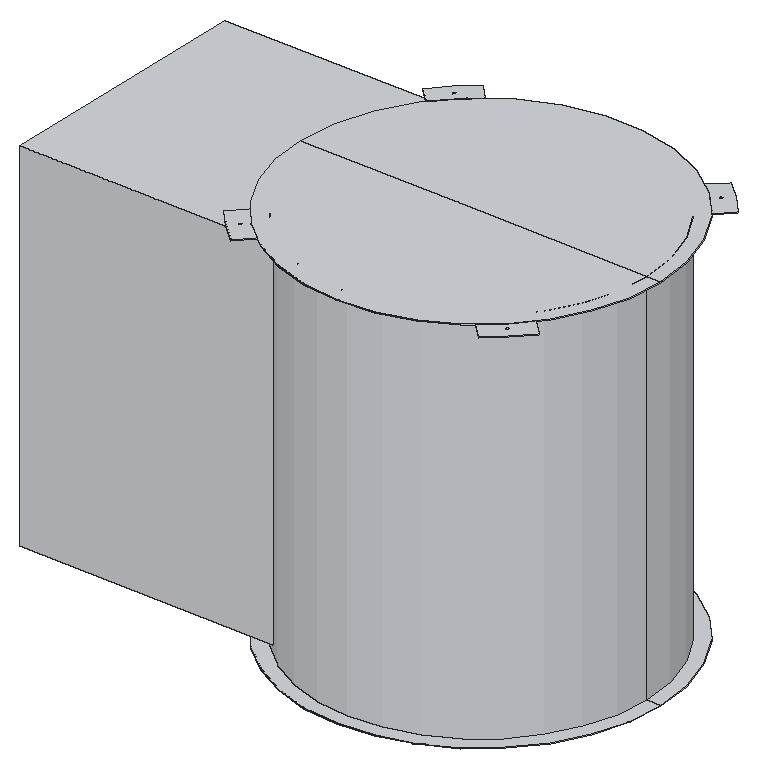
Revit family "VAB_Upblast_Ceiling_Mount", category Mechanical Equipment, Revit 2019
Family settings
  Round Connector Dimension = Use Radius
  Part Type = Normal
  Work Plane-Based = No
  Always vertical = Yes
  Cut with Voids When Loaded = No
  Shared = No
  Room Calculation Point = No
Parameters (values of type "60_VAB_UPBLAST_CEILING")
  Unit Weight [instance] = ""
  ModelID [instance] = ""
  L/2 = L / 2  # 2' - 0 7/32"
  J/2 = J / 2  # 2' - 10 1/4"
  J-A = J - A  # 0' - 8 1/2"
  J = 5' - 8 1/2"
  K/2 = K / 2  # 0' - 0 7/32"
  K = 0' - 0 7/16"
  L-(C/2) = L - (C / 2)  # 1' - 4 13/16"
  L = 4' - 0 7/16"
  H-(A/2) = H - (A / 2)  # 2' - 11"
  H+L = H + L  # 9' - 5 7/16"
  H = 5' - 5"
  Sones [instance] = ""
  Motor RPM [instance] = ""
  Motor Enclosure [instance] = ""
  LwA [instance] = ""
  G = 16' - 0"
  Fan RPM [instance] = ""
  F/2 = F / 2  # 0' - 0 9/32"
  F = 0' - 0 9/16"
  E/2 = E / 2  # 2' - 10 1/2"
  E-2" = E - 0' 2"  # 5' - 7"
  E-.125" = E - 0' 0 1/8"  # 5' - 8 7/8"
  E = 5' - 9"
  C/2+L = C / 2 + L  # 6' - 8 1/16"
  C/2 = C / 2  # 2' - 7 5/8"
  C = 5' - 3 1/4"
  B/2 = B / 2  # 2' - 8 23/32"
  B = 5' - 5 7/16"
  Accessories [instance] = ""
  A/3 = A / 2.5  # 2' - 0"
  A/2 = A / 2  # 2' - 6"
  A = 5' - 0"
  60 = 60.00°  # constant formula
  45 = 45.00°
  30 = 30.00°  # constant formula
  3" = 0' - 3"  # constant formula
  Brake Hp [instance] = ""
  4" = 0' - 4"  # constant formula
  2' = 2' - 0"
  2" = 0' - 2"  # constant formula
  1" = 0' - 1"  # constant formula
  0 = 0' - 0"  # constant formula
  Voltage [instance] = 0 V
  URL = "www.lorencook.com"
  Type Comments = "Fixed Pitch Vane Axial Upblast Ceiling Mount Belt Drive Arrangement 9"  # constant formula
  Static Pressure [instance] = 0.00 in-wg
  Power [instance] = Voltage * Motor FLA * sqrt(if(Phase = 3, 3, 1))  # 0 VA
  Phase [instance] = 0
  Number of Poles [instance] = 1
  Motor Hp [instance] = "0"
  Motor FLA [instance] = 0 A
  Model = "VAB"  # constant formula
  Manufacturer = "Loren Cook Company"
  CFM [instance] = 0 CFM
  1.5 = 0' - 1 1/2"  # constant formula
  ONE EIGTH = 0' - 0 1/8"  # constant formula
  -E/2 = -E / 2  # -2' - 10 1/2"
  -(E-.25")/2 = -(E - 0' 0 1/4") / 2  # -2' - 10 3/8"
  (L/2)-1" = (L / 2) - 0' 1"  # 1' - 11 7/32"
  (J-A)/2 = (J - A) / 2  # 0' - 4 1/4"
  (J+(J-A))/2 = (J + (J / 2 - A / 2)) / 2  # 3' - 0 3/8"
  (H-(A/2))/2 = (H - (A / 2)) / 2  # 1' - 5 1/2"
  (E-.25")/2 = (E - 0' 0 1/4") / 2  # 2' - 10 3/8"
  (A+.25")/2 = (A + 0' 0 1/4") / 2  # 2' - 6 1/8"
Types (12): name | L/2 | J/2 | J-A | J | K/2 | K | L-(C/2) | L | H-(A/2) | H+L | H | G | F/2 | F | E/2 | E-2" | E-.125" | E | C/2+L | C/2 | C | B/2 | B | A/3 | A/2 | A | -E/2 | -(E-.25")/2 | (L/2)-1" | (J-A)/2 | (J+(J-A))/2 | (H-(A/2))/2 | (E-.25")/2 | (A+.25")/2
  (no name) | 2' - 0 7/32" | 2' - 10 1/4" | 0' - 8 1/2" | 5' - 8 1/2" | 0' - 0 7/32" | 0' - 0 7/16" | 1' - 4 13/16" | 4' - 0 7/16" | 2' - 11" | 9' - 5 7/16" | 5' - 5" | 16' - 0" | 0' - 0 9/32" | 0' - 0 9/16" | 2' - 10 1/2" | 5' - 7" | 5' - 8 7/8" | 5' - 9" | 6' - 8 1/16" | 2' - 7 5/8" | 5' - 3 1/4" | 2' - 8 23/32" | 5' - 5 7/16" | 2' - 0" | 2' - 6" | 5' - 0" | -2' - 10 1/2" | -2' - 10 3/8" | 1' - 11 7/32" | 0' - 4 1/4" | 3' - 0 3/8" | 1' - 5 1/2" | 2' - 10 3/8" | 2' - 6 1/8"
  12_VAB_UPBLAST_CEILING | 0' - 6 3/32" | 0' - 8 5/8" | 0' - 5 1/4" | 1' - 5 1/4" | 0' - 0 3/16" | 0' - 0 3/8" | 0' - 5 1/2" | 1' - 0 3/16" | 1' - 3" | 2' - 9 3/16" | 1' - 9" | 6' - 0" | 0' - 0 5/32" | 0' - 0 5/16" | 0' - 10" | 1' - 6" | 1' - 7 7/8" | 1' - 8" | 1' - 6 7/8" | 0' - 6 11/16" | 1' - 1 3/8" | 0' - 7 3/8" | 1' - 2 3/4" | 0' - 4.8" | 0' - 6" | 1' - 0" | -0' - 10" | -0' - 9 7/8" | 0' - 5 3/32" | 0' - 2 5/8" | 0' - 9 15/16" | 0' - 7 1/2" | 0' - 9 7/8" | 0' - 6 1/8"
  14_VAB_UPBLAST_CEILING | 0' - 6 13/16" | 0' - 9 5/8" | 0' - 5 1/4" | 1' - 7 1/4" | 0' - 0 3/16" | 0' - 0 3/8" | 0' - 5 7/8" | 1' - 1 5/8" | 1' - 5" | 3' - 1 5/8" | 2' - 0" | 6' - 0" | 0' - 0 5/32" | 0' - 0 5/16" | 0' - 11 1/2" | 1' - 9" | 1' - 10 7/8" | 1' - 11" | 1' - 9 3/8" | 0' - 7 3/4" | 1' - 3 1/2" | 0' - 8 3/8" | 1' - 4 3/4" | 0' - 5.6" | 0' - 7" | 1' - 2" | -0' - 11 1/2" | -0' - 11 3/8" | 0' - 5 13/16" | 0' - 2 5/8" | 0' - 10 15/16" | 0' - 8 1/2" | 0' - 11 3/8" | 0' - 7 1/8"
  18_VAB_UPBLAST_CEILING | 0' - 8 7/32" | 0' - 11 5/8" | 0' - 5 1/4" | 1' - 11 1/4" | 0' - 0 3/16" | 0' - 0 3/8" | 0' - 6 9/16" | 1' - 4 7/16" | 1' - 6 1/4" | 3' - 7 11/16" | 2' - 3 1/4" | 12' - 0" | 0' - 0 7/32" | 0' - 0 7/16" | 1' - 2 1/2" | 2' - 3" | 2' - 4 7/8" | 2' - 5" | 2' - 2 5/16" | 0' - 9 7/8" | 1' - 7 3/4" | 0' - 10 5/8" | 1' - 9 1/4" | 0' - 7.2" | 0' - 9" | 1' - 6" | -1' - 2 1/2" | -1' - 2 3/8" | 0' - 7 7/32" | 0' - 2 5/8" | 1' - 0 15/16" | 0' - 9 1/8" | 1' - 2 3/8" | 0' - 9 1/8"
  21_VAB_UPBLAST_CEILING | 0' - 9 9/32" | 1' - 1 1/8" | 0' - 5 1/4" | 2' - 2 1/4" | 0' - 0 3/16" | 0' - 0 3/8" | 0' - 7 3/16" | 1' - 6 9/16" | 1' - 9" | 4' - 2 1/16" | 2' - 7 1/2" | 12' - 0" | 0' - 0 7/32" | 0' - 0 7/16" | 1' - 3 1/2" | 2' - 5" | 2' - 6 7/8" | 2' - 7" | 2' - 5 15/16" | 0' - 11 3/8" | 1' - 10 3/4" | 1' - 0 1/8" | 2' - 0 1/4" | 0' - 8.4" | 0' - 10 1/2" | 1' - 9" | -1' - 3 1/2" | -1' - 3 3/8" | 0' - 8 9/32" | 0' - 2 5/8" | 1' - 2 7/16" | 0' - 10 1/2" | 1' - 3 3/8" | 0' - 10 5/8"
  26_VAB_UPBLAST_CEILING | 0' - 11 3/32" | 1' - 3 11/16" | 0' - 5 3/8" | 2' - 7 3/8" | 0' - 0 3/16" | 0' - 0 3/8" | 0' - 8 3/16" | 1' - 10 3/16" | 1' - 9 1/2" | 4' - 8 11/16" | 2' - 10 1/2" | 12' - 0" | 0' - 0 7/32" | 0' - 0 7/16" | 1' - 4" | 2' - 6" | 2' - 7 7/8" | 2' - 8" | 3' - 0 3/16" | 1' - 2" | 2' - 4" | 1' - 3 5/32" | 2' - 6 5/16" | 0' - 10.4" | 1' - 1" | 2' - 2" | -1' - 4" | -1' - 3 7/8" | 0' - 10 3/32" | 0' - 2 11/16" | 1' - 5 1/32" | 0' - 10 3/4" | 1' - 3 7/8" | 1' - 1 1/8"
  29_VAB_UPBLAST_CEILING | 1' - 0 1/2" | 1' - 5 11/16" | 0' - 6 3/8" | 2' - 11 3/8" | 0' - 0 7/32" | 0' - 0 7/16" | 0' - 9 1/2" | 2' - 1" | 2' - 2" | 5' - 5 1/2" | 3' - 4 1/2" | 12' - 0" | 0' - 0 7/32" | 0' - 0 7/16" | 1' - 6" | 2' - 10" | 2' - 11 7/8" | 3' - 0" | 3' - 4 1/2" | 1' - 3 1/2" | 2' - 7" | 1' - 4 21/32" | 2' - 9 5/16" | 0' - 11.6" | 1' - 2 1/2" | 2' - 5" | -1' - 6" | -1' - 5 7/8" | 0' - 11 1/2" | 0' - 3 3/16" | 1' - 7 9/32" | 1' - 1" | 1' - 5 7/8" | 1' - 2 5/8"
  36_VAB_UPBLAST_CEILING | 1' - 3 11/32" | 1' - 9 11/16" | 0' - 7 3/8" | 3' - 7 3/8" | 0' - 0 7/32" | 0' - 0 7/16" | 0' - 11 11/16" | 2' - 6 11/16" | 2' - 3 1/2" | 6' - 4 3/16" | 3' - 9 1/2" | 16' - 0" | 0' - 0 9/32" | 0' - 0 9/16" | 1' - 9" | 3' - 4" | 3' - 5 7/8" | 3' - 6" | 4' - 1 11/16" | 1' - 7" | 3' - 2" | 1' - 8 5/32" | 3' - 4 5/16" | 1' - 2.4" | 1' - 6" | 3' - 0" | -1' - 9" | -1' - 8 7/8" | 1' - 2 11/32" | 0' - 3 11/16" | 1' - 11 17/32" | 1' - 1 3/4" | 1' - 8 7/8" | 1' - 6 1/8"
  42_VAB_UPBLAST_CEILING | 1' - 5 3/32" | 2' - 0 3/16" | 0' - 6 3/8" | 4' - 0 3/8" | 0' - 0 7/32" | 0' - 0 7/16" | 1' - 0" | 2' - 10 3/16" | 2' - 5 1/2" | 7' - 0 11/16" | 4' - 2 1/2" | 16' - 0" | 0' - 0 9/32" | 0' - 0 9/16" | 2' - 1" | 4' - 0" | 4' - 1 7/8" | 4' - 2" | 4' - 8 3/8" | 1' - 10 3/16" | 3' - 8 3/8" | 1' - 10 21/32" | 3' - 9 5/16" | 1' - 4.8" | 1' - 9" | 3' - 6" | -2' - 1" | -2' - 0 7/8" | 1' - 4 3/32" | 0' - 3 3/16" | 2' - 1 25/32" | 1' - 2 3/4" | 2' - 0 7/8" | 1' - 9 1/8"
  48_VAB_UPBLAST_CEILING | 1' - 7 15/16" | 2' - 4 3/16" | 0' - 8 3/8" | 4' - 8 3/8" | 0' - 0 7/32" | 0' - 0 7/16" | 1' - 2 5/8" | 3' - 3 7/8" | 2' - 6" | 7' - 9 7/8" | 4' - 6" | 16' - 0" | 0' - 0 9/32" | 0' - 0 9/16" | 2' - 4" | 4' - 6" | 4' - 7 7/8" | 4' - 8" | 5' - 5 1/8" | 2' - 1 1/4" | 4' - 2 1/2" | 2' - 2 19/32" | 4' - 5 3/16" | 1' - 7.2" | 2' - 0" | 4' - 0" | -2' - 4" | -2' - 3 7/8" | 1' - 6 15/16" | 0' - 4 3/16" | 2' - 6 9/32" | 1' - 3" | 2' - 3 7/8" | 2' - 0 1/8"
  54_VAB_UPBLAST_CEILING | 1' - 10 3/32" | 2' - 7 1/4" | 0' - 8 1/2" | 5' - 2 1/2" | 0' - 0 7/32" | 0' - 0 7/16" | 1' - 3 15/16" | 3' - 8 3/16" | 2' - 8 1/2" | 8' - 7 11/16" | 4' - 11 1/2" | 16' - 0" | 0' - 0 9/32" | 0' - 0 9/16" | 2' - 7" | 5' - 0" | 5' - 1 7/8" | 5' - 2" | 6' - 0 7/16" | 2' - 4 1/4" | 4' - 8 1/2" | 2' - 5 23/32" | 4' - 11 7/16" | 1' - 9.6" | 2' - 3" | 4' - 6" | -2' - 7" | -2' - 6 7/8" | 1' - 9 3/32" | 0' - 4 1/4" | 2' - 9 3/8" | 1' - 4 1/4" | 2' - 6 7/8" | 2' - 3 1/8"
  60_VAB_UPBLAST_CEILING | 2' - 0 7/32" | 2' - 10 1/4" | 0' - 8 1/2" | 5' - 8 1/2" | 0' - 0 7/32" | 0' - 0 7/16" | 1' - 4 13/16" | 4' - 0 7/16" | 2' - 11" | 9' - 5 7/16" | 5' - 5" | 16' - 0" | 0' - 0 9/32" | 0' - 0 9/16" | 2' - 10 1/2" | 5' - 7" | 5' - 8 7/8" | 5' - 9" | 6' - 8 1/16" | 2' - 7 5/8" | 5' - 3 1/4" | 2' - 8 23/32" | 5' - 5 7/16" | 2' - 0" | 2' - 6" | 5' - 0" | -2' - 10 1/2" | -2' - 10 3/8" | 1' - 11 7/32" | 0' - 4 1/4" | 3' - 0 3/8" | 1' - 5 1/2" | 2' - 10 3/8" | 2' - 6 1/8"
Reference planes (in)
  plane 1 "Center (Front/Back)": y = 0
  plane 2: z = 0
  plane 3 "Center (Left/Right)": x = 0.40541
Forms (in)
  Revolve 1, solid
    sketch origin (0, 0, 0) x (1, 0, 0) y (0, 0, 1)
      loop
        line (0.40541, 0) -> (33.12416, 0) -> (33.12416, 0.125) -> (30.53041, 0.125) -> (30.53041, 68.875) -> (33.12416, 68.875) -> (33.12416, 69) -> (0.40541, 69) -> (0.40541, 0)
      axis (0.40541, 69) -> (0.40541, 0)
    angle from 0 to 360
  Extrusion 2, solid
    sketch origin (0, 0, 0) x (1, 0, 0) y (0, 1, 0)
      loop
        line (-18.78847, 23.21875) -> (-64.59459, 23.21875) -> (-64.59459, -23.21875) -> (-18.78847, -23.21875)
        arc (-18.78847, -23.21875) -> (-29.71959, 0) -> (-18.78847, 23.21875) r 30.125
    from 2 to 67 <- "E-2""
  Extrusion 3, solid
    sketch origin (0, 0, 0) x (1, 0, 0) y (0, 1, 0)
      loop
        line (-19.52902, 25.94484) -> (-22.13423, 28.55005)
        arc (-22.13423, 28.55005) -> (-25.3156, 25.72101) -> (-28.14464, 22.53964) r 36.375
        line (-28.14464, 22.53964) -> (-25.53943, 19.93444)
        arc (-25.53943, 19.93444) -> (-22.73024, 23.13565) -> (-19.52902, 25.94484) r 32.71875
      loop
        arc (20.33985, 25.94484) -> (23.54106, 23.13565) -> (26.35026, 19.93444) r 32.71875
        line (26.35026, 19.93444) -> (28.95546, 22.53964)
        arc (28.95546, 22.53964) -> (26.12642, 25.72101) -> (22.94505, 28.55005) r 36.375
        line (22.94505, 28.55005) -> (20.33985, 25.94484)
      loop
        line (20.33985, -25.94484) -> (22.94505, -28.55005)
        arc (22.94505, -28.55005) -> (26.12642, -25.72101) -> (28.95546, -22.53964) r 36.375
        line (28.95546, -22.53964) -> (26.35026, -19.93444)
        arc (26.35026, -19.93444) -> (23.54106, -23.13565) -> (20.33985, -25.94484) r 32.71875
      loop
        arc (-19.52902, -25.94484) -> (-22.73024, -23.13565) -> (-25.53943, -19.93444) r 32.71875
        line (-25.53943, -19.93444) -> (-28.14464, -22.53964)
        arc (-28.14464, -22.53964) -> (-25.3156, -25.72101) -> (-22.13423, -28.55005) r 36.375
        line (-22.13423, -28.55005) -> (-19.52902, -25.94484)
    from 68.875 <- "E-.125"" to 69 <- "E"
  Extrusion 4, void
    sketch origin (0, 0, 0) x (1, 0, 0) y (0, 1, 0)
      loop
        circle (24.62416, 24.21875) r 0.21875
      loop
        circle (-23.81334, 24.21875) r 0.21875
      loop
        circle (-23.81334, -24.21875) r 0.21875
      loop
        circle (24.62416, -24.21875) r 0.21875
    from 0 to 69 <- "E"
Cuts and joins
  Extrusion 4 cuts Revolve 1
  Extrusion 4 cuts Extrusion 2
  Extrusion 4 cuts Extrusion 3
Dimensions and locks (in)
  "0": Revolve 1 sketch curve to plane 3 "Center (Left/Right)"  (x2)
  "E": Revolve 1 sketch curve to Revolve 1 sketch curve
  "0": Revolve 1 sketch curve to level
  "ONE EIGTH": Revolve 1 sketch curve to Revolve 1 sketch curve  (x2)
  "(A+.25")/2": Revolve 1 sketch curve to Revolve 1 sketch curve
  "B/2": Revolve 1 sketch curve to Revolve 1 sketch curve  (x2)
  "(L/2)-1"": plane 1 "Center (Front/Back)" to Extrusion 2 sketch curve
  "(L/2)-1"": Extrusion 2 sketch curve to plane 1 "Center (Front/Back)"
  "H": Extrusion 2 sketch curve to plane 3 "Center (Left/Right)"
  "0": Extrusion 2 sketch curve to plane 3 "Center (Left/Right)"
  "0": Extrusion 2 sketch curve to plane 1 "Center (Front/Back)"
  "(J-A)/2": plane 3 "Center (Left/Right)" to Extrusion 3 sketch curve  (x4)
  "(J-A)/2": Extrusion 3 sketch curve to plane 3 "Center (Left/Right)"  (x3)
  "0": Extrusion 3 sketch curve to plane 3 "Center (Left/Right)"  (x6)
  "0": Extrusion 3 sketch curve to plane 1 "Center (Front/Back)"  (x7)
  "0": plane 1 "Center (Front/Back)" to Extrusion 3 sketch curve
  "0": plane 3 "Center (Left/Right)" to Extrusion 3 sketch curve  (x2)
  "J-A": Extrusion 3 sketch curve to Extrusion 3 sketch curve
  "L/2": plane 3 "Center (Left/Right)" to Extrusion 4 sketch curve  (x4)
  "L/2": plane 1 "Center (Front/Back)" to Extrusion 4 sketch curve  (x4)
  "(A+.25")/2": radius of Extrusion 2 sketch curve
  "B/2": radius of Extrusion 3 sketch curve  (x4)
  "(J+(J-A))/2": radius of Extrusion 3 sketch curve  (x4)
  "K/2": radius of Extrusion 4 sketch curve  (x4)
  "45": angle plane 3 "Center (Left/Right)" to Extrusion 3 sketch curve  (x2)
  "45": angle Extrusion 3 sketch curve to plane 1 "Center (Front/Back)"  (x2)
  "45": angle Extrusion 3 sketch curve to plane 3 "Center (Left/Right)"  (x2)
  "45": angle plane 1 "Center (Front/Back)" to Extrusion 3 sketch curve  (x2)
Automatic sketch dimensions
  Revolve 1 sketch curve to level = 0' - 0"
  Revolve 1 sketch curve to Revolve 1 sketch curve = 1' - 0"
  Extrusion 2 sketch curve to Extrusion 2 sketch curve = 0' - 0"
Connectors (in)
  electrical at (-41.69153, -23.21875, 34.5)
    settings: on cut or joined group of Extrusion 2, Extrusion 4, index 1, voltage 0 V, apparent load 0 VA, apparent load phase1 0 VA, apparent load phase2 0 VA, apparent load phase3 0 VA, power factor 1, load classification "Other", number of poles 1, system type 14, power factor state 1, is connector primary yes, connector utility no, sub classification motor no, connector description ""
  hvac at (0.40541, 0, 69), driven by "A/2"
    settings: on cut or joined group of Revolve 1, Extrusion 4, index 2, duct flow 0 CFM, flow factor 0, pres drop 0.00 in-wg, loss coef 0, conn angle 0.00°, conn width 12", conn height 12", conn diameter 60", duct sys type 29, conn prof type 0, flow config 0, flow direction 2, loss method 0, conn ref index -1, conn util no, is conn primary yes, conn desc ""
  hvac at (0.40541, 0, 0.125), driven by "A/2"
    settings: on cut or joined group of Revolve 1, Extrusion 4, index 3, duct flow 0 CFM, flow factor 0, pres drop 0.00 in-wg, loss coef 0, conn angle 0.00°, conn width 12", conn height 12", conn diameter 60", duct sys type 29, conn prof type 0, flow config 0, flow direction 1, loss method 0, conn ref index -1, conn util no, is conn primary no, conn desc ""
